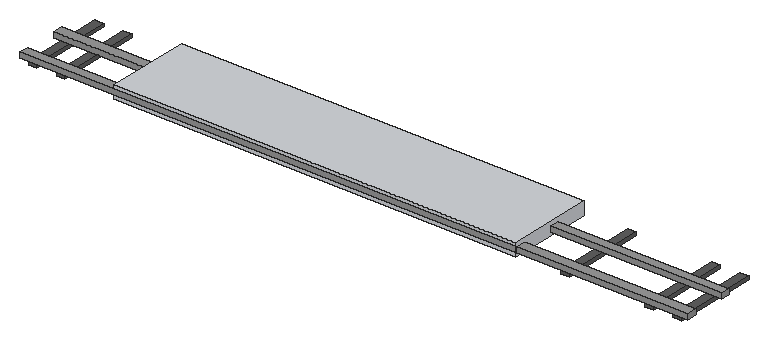
Revit family "2112-2, Veneer", category Generic Models, host Face, Revit 2020
Family settings
  Host = Face
  Can host rebar = No
  Round Connector Dimension = Use Diameter
  Part Type = Normal
  Cut with Voids When Loaded = No
  Shared = No
  Room Calculation Point = No
Parameters
  min_value [instance] = 1' - 11 1/4"  # constant formula
  max_value [instance] = 9' - 11 1/4"  # constant formula
  actual_value [instance] = if(NET LENGTH < min_value, min_value, if(NET LENGTH > max_value, max_value, NET LENGTH))  # 7' - 11 1/4"
  NET LENGTH [instance] = 7' - 11 1/4"
  Default Elevation = 4' - 0"
  BACKER MATERIAL [instance] = BLACK-BACKERS
  .. MEMBER WIDTH [instance] = 0' - 1 3/8"  # constant formula
  .. MEMBER MATERIAL [instance] = Veneer Cherry
  .. MEMBER LENGTH [instance] = actual_value  # 7' - 11 1/4"
  .. MEMBER DEPTH [instance] = 0' - 0 3/4"  # constant formula
  .. MEMBER COUNT [instance] = 2  # constant formula
  IMPORTANT NOTE!!!                                                                             *Backer layout is for visualization purposes only, final layout to be determined by 9Wood. [instance] = ""
Reference planes (in)
  plane 1 "Center (Front/Back)": y = 0
  plane 2: z = 1.82209
  plane 3 "Center (Left/Right)": x = 0
Forms (in)
  Extrusion 1, solid
    sketch origin (132, -33.80483, 0) x (1, 0, 0) y (0, 1, 0)
      loop
        line (-118.625, 33.80483) -> (-61.26146, 33.80483) -> (-61.26146, 45.86733) -> (-118.625, 45.86733) -> (-118.625, 33.80483)
    from 1.82209 to 0
Dimensions and locks (in)
  aligned and locked: Extrusion 1 to plane 2
  aligned and locked: plane 3 "Center (Left/Right)" to nested 1
Nested families (in)
  nested 1: "1100 SERIES CONFIG" at (0, 2, 0), .. MEMBER DEPTH <- ".. MEMBER DEPTH", .. MEMBER LENGTH <- ".. MEMBER LENGTH", .. MEMBER WIDTH <- ".. MEMBER WIDTH", .. MEMBER MATERIAL <- ".. MEMBER MATERIAL", BACKING M MATERIAL <- "BACKER MATERIAL", .. MEMBER COUNT <- ".. MEMBER COUNT", type "1100 SERIES CONFIG"
    with X 7' - 8", SCRIM OVERHANG 2 0' - 0 3/32", SCRIM OVERHANG 0' - 0 7/8", SCRIM LENGTH 8' - 1", SCRIM  MATERIAL SCRIM, SCRIM no, NOMINAL LENGTH 7, N 8, Inset 6' - 0 3/8", INSET 0' - 1", INDEX 0' - 5 5/8", HALF MEMBER WIDTH 0' - 0 11/16", HALF LENGTH 3' - 11 5/8", END BACKER yes, BACKING M WIDTH 0' - 1 1/4", BACKING M OC SPACING 1' - 0", BACKING M MATERIAL BLACK-BACKERS, BACKING M LENGTH 0' - 11 7/8", BACKING M DEPTH 0' - 0 1/2", BACKING M COUNT 8, 3/16" INSET 0' - 0 3/16", .. MEMBER WIDTH 0' - 1 3/8", .. MEMBER OC SPACING 0' - 6", .. MEMBER MATERIAL Veneer Cherry, .. MEMBER LENGTH 7' - 11 1/4", .. MEMBER DEPTH 0' - 0 3/4", .. MEMBER COUNT 2
Definition of nested family "1100 SERIES CONFIG"
  Parameters (values of type "1100 SERIES CONFIG")
    X [instance] = .. MEMBER LENGTH - 0' 3 1/4"  # 5' - 5"
    SCRIM OVERHANG 2 [instance] = 0' - 0 3/32"  # constant formula
    SCRIM OVERHANG [instance] = 0' - 0 7/8"  # constant formula
    SCRIM LENGTH [instance] = .. MEMBER LENGTH + (SCRIM OVERHANG * 2)  # 5' - 10"
    SCRIM  MATERIAL [instance] = none
    SCRIM [instance] = yes
    NOMINAL LENGTH [instance] = 7
    N [instance] = if((X - (rounddown(X / 1' 0") * 1' 0")) > 1' 0", rounddown(X / 1' 0") + 2, rounddown(X / 1' 0") + 1)  # 6
    Inset [instance] = 6' - 0 3/8"  # constant formula
    INSET [instance] = 0' - 1"  # constant formula
    END BACKER [instance] = INDEX > 0' 3 5/8"  # yes
    INDEX [instance] = (.. MEMBER LENGTH - ((N - 1) * 1' 0")) / 2  # 0' - 4 1/8"
    HALF MEMBER WIDTH [instance] = .. MEMBER WIDTH / 2  # 0' - 0 5/16"
    HALF LENGTH [instance] = .. MEMBER LENGTH / 2  # 2' - 10 1/8"
    Default Elevation = 0' - 0"
    BACKING M WIDTH [instance] = 0' - 1 1/4"
    BACKING M SPACING = 3' - 3"
    BACKING M MATERIAL [instance] = none
    BACKING M LENGTH [instance] = 0' - 11 7/8"
    BACKING M DEPTH [instance] = 0' - 0 1/2"
    BACKING M COUNT [instance] = N  # 6
    BACKING M OC SPACING [instance] = 1' - 0"  # constant formula
    3/16" INSET [instance] = 0' - 0 3/16"  # constant formula
    .. MEMBER WIDTH [instance] = 0' - 0 5/8"
    .. MEMBER OC SPACING [instance] = 1' 0" / .. MEMBER COUNT  # 0' - 4"
    .. MEMBER MATERIAL [instance] = none
    .. MEMBER LENGTH [instance] = 5' - 8 1/4"
    .. MEMBER DEPTH [instance] = 0' - 1 3/8"
    .. MEMBER COUNT [instance] = 3
  Reference planes (in)
    plane 1 "Center (Front/Back)": y = -2
    plane 2: z = 0
    plane 3 "Center (Left/Right)": x = 0
    plane 4: x = 1
    plane 5: x = 4.125
    plane 6: x = 34.125
    plane 7: x = 68.25
    plane 8: x = 67.25
    plane 9: x = 16.125
    plane 10: y = -1.8125
    plane 11: y = -1.6875
    plane 12: y = 2.3125
    plane 13: x = 69.125
    plane 14: x = -0.875
    plane 15: z = 0.5
    plane 16: z = 0.5625
    plane 17: y = 10.0625
    plane 18: y = 10.15625
    plane 19: y = -2.09375
  Dimensions and locks (in)
    "INSET": plane 3 "Center (Left/Right)" to plane 4
    "INDEX": plane 3 "Center (Left/Right)" to plane 5
    "HALF LENGTH": plane 3 "Center (Left/Right)" to plane 6
    ".. MEMBER LENGTH": plane 3 "Center (Left/Right)" to plane 7
    "INSET": plane 8 to plane 7
    equal spacing: group 2, group 3, group 6, group 7, group 8, group 9  (x3)
    "3/16" INSET": plane 1 "Center (Front/Back)" to plane 10
    ".. MEMBER OC SPACING": plane 12 to plane 11
    "SCRIM OVERHANG": plane 14 to plane 3 "Center (Left/Right)"
    "SCRIM OVERHANG": plane 7 to plane 13
    equal spacing: group 1, group 4, group 5  (x2)
    equal spacing: group 5, group 4, group 1
    "HALF MEMBER WIDTH": plane 1 "Center (Front/Back)" to plane 11
    "BACKING M OC SPACING": plane 5 to plane 9
    "SCRIM OVERHANG 2": plane 18 to plane 17
    "SCRIM OVERHANG 2": plane 19 to plane 1 "Center (Front/Back)"
    aligned and locked: level to plane 2
    aligned and locked: plane 6 to nested 1
    aligned and locked: nested 2 to plane 4
    aligned and locked: plane 5 to nested 3
    aligned and locked: plane 1 "Center (Front/Back)" to nested 1
    aligned and locked: nested 2 to plane 10
    aligned and locked: nested 3 to plane 10
    aligned and locked: nested 5 to plane 10
    aligned and locked: nested 4 to plane 10
    aligned and locked: nested 6 to plane 14
    aligned and locked: plane 12 to nested 7
    aligned and locked: nested 7 to plane 3 "Center (Left/Right)"
    aligned and locked: plane 9 to nested 5
    aligned and locked: plane 8 to nested 4
    aligned and locked: plane 15 to nested 2
    aligned and locked: nested 6 to plane 15
    aligned and locked: nested 1 to plane 16
    aligned and locked: nested 7 to plane 16
    aligned and locked: nested 6 to plane 19
  Nested families (in)
    nested 1: "INSTANCE - Parametric Cube" at (34.125, -1.6875, 1.9375), Length <- ".. MEMBER WIDTH", Height <- ".. MEMBER DEPTH", Width <- ".. MEMBER LENGTH", Material <- ".. MEMBER MATERIAL", type "INSTANCE - Parametric Cube"
      with Width 5' - 8 1/4", Material none, Length 0' - 0 5/8", Height 0' - 1 3/8"
    nested 2: "2ND INSTANCE - Parametric Cube" at (1.625, 4.125, 0), Height <- "BACKING M DEPTH", Length <- "BACKING M LENGTH", Width <- "BACKING M WIDTH", Material <- "BACKING M MATERIAL", visible <- "END BACKER", type "2ND INSTANCE - Parametric Cube"
      with Width 0' - 1 1/4", Material none, Length 0' - 11 7/8", Height 0' - 0 1/2"
    nested 3: "2ND INSTANCE - Parametric Cube" at (4.125, 4.125, 0), Length <- "BACKING M LENGTH", Height <- "BACKING M DEPTH", Width <- "BACKING M WIDTH", Material <- "BACKING M MATERIAL", type "2ND INSTANCE - Parametric Cube"
      with Width 0' - 1 1/4", Material none, Length 0' - 11 7/8", Height 0' - 0 1/2"
    nested 4: "2ND INSTANCE - Parametric Cube" at (66.625, 4.125, 0), Width <- "BACKING M WIDTH", Length <- "BACKING M LENGTH", Height <- "BACKING M DEPTH", Material <- "BACKING M MATERIAL", visible <- "END BACKER", type "2ND INSTANCE - Parametric Cube"
      with Width 0' - 1 1/4", Material none, Length 0' - 11 7/8", Height 0' - 0 1/2"
    nested 5: "2ND INSTANCE - Parametric Cube" at (16.125, 4.125, 0), Length <- "BACKING M LENGTH", Height <- "BACKING M DEPTH", Width <- "BACKING M WIDTH", Material <- "BACKING M MATERIAL", type "2ND INSTANCE - Parametric Cube"
      with Width 0' - 1 1/4", Material none, Length 0' - 11 7/8", Height 0' - 0 1/2"
    nested 6: "3RD INSTANCE - Parametric Cube" at (34.125, 4.0445, 0.5), Width <- "SCRIM LENGTH", Material <- "SCRIM  MATERIAL", visible <- "SCRIM", type "3RD INSTANCE - Parametric Cube"
      with Width 5' - 10", Material none, Length 1' - 0.27649", Height 0' - 0 1/16"
    nested 7: "INSTANCE - Parametric Cube" at (34.125, 2.3125, 1.9375), Length <- ".. MEMBER WIDTH", Height <- ".. MEMBER DEPTH", Width <- ".. MEMBER LENGTH", Material <- ".. MEMBER MATERIAL", type "INSTANCE - Parametric Cube"
      with Width 5' - 8 1/4", Material none, Length 0' - 0 5/8", Height 0' - 1 3/8"
    nested 8: "INSTANCE - Parametric Cube" at (34.125, 6.3125, 1.9375), Length <- ".. MEMBER WIDTH", Height <- ".. MEMBER DEPTH", Width <- ".. MEMBER LENGTH", Material <- ".. MEMBER MATERIAL", type "INSTANCE - Parametric Cube"
      with Width 5' - 8 1/4", Material none, Length 0' - 0 5/8", Height 0' - 1 3/8"
    nested 9: "2ND INSTANCE - Parametric Cube" at (28.125, 4.125, 0), Length <- "BACKING M LENGTH", Height <- "BACKING M DEPTH", Width <- "BACKING M WIDTH", Material <- "BACKING M MATERIAL", type "2ND INSTANCE - Parametric Cube"
      with Width 0' - 1 1/4", Material none, Length 0' - 11 7/8", Height 0' - 0 1/2"
    nested 10: "2ND INSTANCE - Parametric Cube" at (40.125, 4.125, 0), Length <- "BACKING M LENGTH", Height <- "BACKING M DEPTH", Width <- "BACKING M WIDTH", Material <- "BACKING M MATERIAL", type "2ND INSTANCE - Parametric Cube"
      with Width 0' - 1 1/4", Material none, Length 0' - 11 7/8", Height 0' - 0 1/2"
    nested 11: "2ND INSTANCE - Parametric Cube" at (52.125, 4.125, 0), Length <- "BACKING M LENGTH", Height <- "BACKING M DEPTH", Width <- "BACKING M WIDTH", Material <- "BACKING M MATERIAL", type "2ND INSTANCE - Parametric Cube"
      with Width 0' - 1 1/4", Material none, Length 0' - 11 7/8", Height 0' - 0 1/2"
    nested 12: "2ND INSTANCE - Parametric Cube" at (64.125, 4.125, 0), Length <- "BACKING M LENGTH", Height <- "BACKING M DEPTH", Width <- "BACKING M WIDTH", Material <- "BACKING M MATERIAL", type "2ND INSTANCE - Parametric Cube"
      with Width 0' - 1 1/4", Material none, Length 0' - 11 7/8", Height 0' - 0 1/2"
  Definition of nested family "INSTANCE - Parametric Cube"
    Parameters (values of type "INSTANCE - Parametric Cube")
      Width [instance] = 0' - 6"
      Material [instance] = none
      Length [instance] = 1' - 0"
      Height [instance] = 1' - 6"
      Default Elevation = 0' - 0"
    Reference planes (in)
      plane 1 "Center (Front/Back)": y = 0
      plane 2: z = 0
      plane 3 "Center (Left/Right)": x = 0
      plane 4: x = -3
      plane 5: x = 3
      plane 6: y = 6
      plane 7: y = -6
      plane 8: z = -18
    Forms (in)
      Extrusion 1, solid, material <- "Material"
        sketch origin (0, 0, 0) x (1, 0, 0) y (0, 1, 0)
          loop
            line (-3, 6) -> (-3, -6) -> (3, -6) -> (3, 6) -> (-3, 6)
        from -18 to 0
    Dimensions and locks (in)
      equal spacing: plane 4, plane 3 "Center (Left/Right)", plane 5
      equal spacing: plane 6, plane 1 "Center (Front/Back)", plane 7
      "Length": plane 6 to plane 7
      "Width": plane 4 to plane 5
      "Height": plane 8 to level
      aligned and locked: plane 2 to level
      aligned and locked: Extrusion 1 sketch curve to plane 6
      aligned and locked: plane 4 to Extrusion 1 sketch curve
      aligned and locked: plane 7 to Extrusion 1 sketch curve
      aligned and locked: Extrusion 1 sketch curve to plane 5
      aligned and locked: Extrusion 1 to plane 8
  Definition of nested family "2ND INSTANCE - Parametric Cube"
    Parameters (values of type "2ND INSTANCE - Parametric Cube")
      Width [instance] = 0' - 6"
      Material [instance] = none
      Length [instance] = 1' - 0"
      Height [instance] = 1' - 6"
      Default Elevation = 0' - 0"
    Reference planes (in)
      plane 1 "Center (Front/Back)": y = 0
      plane 2: z = 0
      plane 3 "Center (Left/Right)": x = 0
      plane 4: x = -3
      plane 5: x = 3
      plane 6: y = 6
      plane 7: y = -6
      plane 8: z = 18
    Forms (in)
      Extrusion 1, solid, material <- "Material"
        sketch origin (0, 0, 0) x (1, 0, 0) y (0, 1, 0)
          loop
            line (-3, 6) -> (-3, -6) -> (3, -6) -> (3, 6) -> (-3, 6)
        from 0 to 18
    Dimensions and locks (in)
      equal spacing: plane 4, plane 3 "Center (Left/Right)", plane 5
      equal spacing: plane 6, plane 1 "Center (Front/Back)", plane 7
      "Length": plane 6 to plane 7
      "Width": plane 4 to plane 5
      "Height": level to plane 8
      aligned and locked: plane 2 to level
      aligned and locked: Extrusion 1 sketch curve to plane 6
      aligned and locked: plane 4 to Extrusion 1 sketch curve
      aligned and locked: plane 7 to Extrusion 1 sketch curve
      aligned and locked: Extrusion 1 sketch curve to plane 5
      aligned and locked: plane 8 to Extrusion 1
      aligned and locked: Extrusion 1 to level
  Definition of nested family "3RD INSTANCE - Parametric Cube"
    Parameters (values of type "3RD INSTANCE - Parametric Cube")
      Width [instance] = 0' - 6"
      Material [instance] = none
      Length [instance] = 1' - 0"
      Height [instance] = 1' - 6"
      Default Elevation = 0' - 0"
    Reference planes (in)
      plane 1 "Center (Front/Back)": y = 0
      plane 2: z = 0
      plane 3 "Center (Left/Right)": x = 0
      plane 4: x = -3
      plane 5: x = 3
      plane 6: y = 6
      plane 7: y = -6
      plane 8: z = 18
    Forms (in)
      Extrusion 1, solid, material <- "Material"
        sketch origin (0, 0, 0) x (1, 0, 0) y (0, 1, 0)
          loop
            line (-3, 6) -> (-3, -6) -> (3, -6) -> (3, 6) -> (-3, 6)
        from 0 to 18
    Dimensions and locks (in)
      equal spacing: plane 4, plane 3 "Center (Left/Right)", plane 5
      equal spacing: plane 6, plane 1 "Center (Front/Back)", plane 7
      "Length": plane 6 to plane 7
      "Width": plane 4 to plane 5
      "Height": level to plane 8
      aligned and locked: plane 2 to level
      aligned and locked: Extrusion 1 sketch curve to plane 6
      aligned and locked: plane 4 to Extrusion 1 sketch curve
      aligned and locked: plane 7 to Extrusion 1 sketch curve
      aligned and locked: Extrusion 1 sketch curve to plane 5
      aligned and locked: plane 8 to Extrusion 1
      aligned and locked: Extrusion 1 to level
